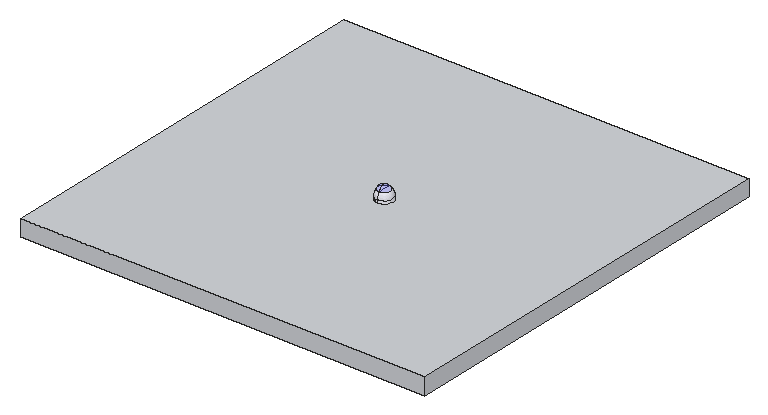
Revit family "BEG-92485", category Dispositifs d'éclairage, Revit 2015
Parameters
  Detection zone [instance] = yes
  URL = "http://www.luxomat.com/en-92442"
  Type of output = "Slave"
  Ambiant temperature = "-25°C to +50°C"
  Ref = "92442"
  Relay = "0"
  height position [instance] = 250 cm
  Modèle = "PD4-M-1C-C-SM Positive security"
  Installation type = "Ceiling"
  Brand = "LUXOMAT"
  Image du type = 92587.jpg
  IP = "54"
  Mounting height max = Installation height max  # 270 cm
  Installation height max = 270 cm
  Fabricant = "B.E.G"
  Label [instance] = yes
  Default Elevation = 0 cm
  Consumption = "0.28W"
  Commentaires du type = "Occupancy detector PD4-M-1C-C-SM Positive security"
  Code d'assemblage = "D5010200"
  Class = "2"
  Switching power LED = "0"
  Switching power Cos ɸ =1 = "0"
  Switching power Cos ɸ =0,5 = "0"
  Power voltage = "110-240 V AC"
Reference planes (cm)
  plane 1 "Centre (avant/arrière)": y = 0
  plane 2: z = 0
  plane 3 "Centre (gauche/droite)": x = 0
Forms (cm)
  Extrusion 1, solid
    sketch origin (0, 0, 0) x (1, 0, 0) y (0, 1, 0)
      loop
        line (-121.92, 121.92) -> (-121.92, -121.92) -> (121.92, -121.92) -> (121.92, 121.92) -> (-121.92, 121.92)
    from 0 to -10
Dimensions and locks (cm)
  aligned and locked: plane 2 to Extrusion 1
  aligned and locked: level to Extrusion 1
  aligned and locked: nested 2 to plane 2
Nested families (cm)
  nested 1: "Famille1" at (0, -72.6659, 0) x (-1, 0, 0) z (0, 0, 1), reference <- "Ref", modele <- "Modèle", visible <- "Label", type "Famille1"
    with reference "92442", modele "PD4-M-1C-C-SM Positive security"
  nested 2: "M14" at (0, 0, 0), type "Standard"
  nested 3: "Symbole plafond 2D couloir" at (0, 0.102, 0), type "Symbole plafond 2D couloir"
  nested 4: "zone I" at (0, 0, 0), visible <- "Detection zone", type "zone I"
    with position 2 320 cm, position 1 960 cm, frontal 800 cm, biais 2400 cm, activité assise 640 cm
Connectors (cm)
  electrical at (0.5717, -0.15, -5.1)
    settings: on nested 2, index 1, voltage 240 V, apparent load 0 VA, apparent load phase1 0 VA, apparent load phase2 0 VA, apparent load phase3 0 VA, power factor 1, load classification "Eclairage", number of poles 1, system type 31, power factor state 1, is connector primary yes, connector utility no, sub classification motor no, connector description ""
Definition of nested family "M14"
  Reference planes (cm)
    plane 1 "Centre (avant/arrière)": y = 0
    plane 2: z = 0
    plane 3 "Centre (gauche/droite)": x = 0
    plane 4: x = 0
  Forms (cm)
    Revolve 1, solid
      sketch origin (0, 0, 0) x (0, -1, 0) y (0, 0, 1)
        loop
          line (0, 0) -> (0, 5) -> (-3.8, 5)
          arc (-3.8, 5) -> (-4.577, 3.2225) -> (-4.8363, 1.3) r 7
          line (-4.8363, 1.3) -> (-4.9363, 1.3) -> (-5.05, 0) -> (0, 0)
        axis (0, 0) -> (0, 5)
      angle from 0 to 360
    Revolve 2, solid
      sketch origin (0, 0, 0) x (0, -1, 0) y (0, 0, 1)
        loop
          arc (0, 7.6) -> (-2.2816, 6.8864) -> (-3.75, 5) r 4.0043
          line (-3.75, 5) -> (0, 5) -> (0, 7.6)
        axis (0, 5) -> (0, 7.6)
      angle from 0 to 360
  Lines and regions (cm)
    reference lines
      curve 1: line (0, 0, 0) -> (0, 0, 7.6)
      curve 2: line (0, 0, 5) -> (0, 3.8, 5)
      curve 3: arc (0, 3.8, 5) -> (0, 4.577, 3.2225) -> (0, 4.8363, 1.3) r 7
      curve 4: line (0, 4.9363, 1.3) -> (0, 4.8363, 1.3)
      curve 5: line (0, 5.05, 0) -> (0, 4.9363, 1.3)
      curve 6: line (0, 0, 0) -> (0, 5.05, 0)
      curve 7: arc (0, 0, 7.6) -> (0, 2.2816, 6.8864) -> (0, 3.75, 5) r 4.0043
      curve 8: line (0, 3.75, 5) -> (0, 0, 5)
      curve 9: line (0, 0, 7.6) -> (0, 0, 5)
      curve 10: line (0, 0, 0) -> (0, 0, 7.6)
  Dimensions and locks (cm)
    aligned and locked: level to plane 2
    aligned and locked: Revolve 1 sketch curve to curve 1  (x2)
    aligned and locked: Revolve 1 sketch curve to curve 2
    aligned and locked: Revolve 1 sketch curve to curve 3
    aligned and locked: Revolve 1 sketch curve to curve 4
    aligned and locked: Revolve 1 sketch curve to curve 5
    aligned and locked: Revolve 1 sketch curve to curve 6
    aligned and locked: Revolve 2 sketch curve to curve 7
    aligned and locked: Revolve 2 sketch curve to curve 8
    aligned and locked: Revolve 2 sketch curve to curve 9
    aligned and locked: Revolve 2 sketch curve to curve 10
Definition of nested family "Famille1"
  Parameters (values of type "Famille1")
    reference [instance] = ""
    modele [instance] = ""
  Reference planes (cm)
    plane 1: y = 0
    plane 2: x = 0
  Text (cm)
    label "reference\n\nmodele" at (0.0074, 0.0451, 0), shows "reference", "modele"
Definition of nested family "Symbole plafond 2D couloir"
  Reference planes (cm)
    plane 1: y = 0
    plane 2: x = 0
  Lines and regions (cm)
    Filled region 1, type "rouge"
      outline origin (0, 0, 0) x (1, 0, 0) y (0, 1, 0)
        loop
          circle (0, 0) r 0.0294
    detail lines
      curve 1: arc (-0.0294, 0, 0) -> (0, -0.0294, 0) -> (0.0294, 0, 0) r 0.0294
      curve 2: arc (0.0294, 0, 0) -> (0, 0.0294, 0) -> (-0.0294, 0, 0) r 0.0294
      curve 3: arc (-0.1768, 0.102, 0) -> (-0.2041, 0, 0) -> (-0.1768, -0.102, 0) r 0.204
      curve 4: arc (0.1766, -0.102, 0) -> (0.2039, 0, 0) -> (0.1766, 0.102, 0) r 0.204
      curve 5: arc (-0.1404, 0.081, 0) -> (-0.1621, 0, 0) -> (-0.1404, -0.081, 0) r 0.162
      curve 6: arc (0.1402, -0.081, 0) -> (0.1619, 0, 0) -> (0.1402, 0.081, 0) r 0.162
      curve 7: arc (-0.104, 0.06, 0) -> (-0.1201, 0, 0) -> (-0.104, -0.06, 0) r 0.12
      curve 8: arc (0.1038, -0.06, 0) -> (0.1199, 0, 0) -> (0.1038, 0.06, 0) r 0.12
Definition of nested family "zone I"
  Parameters (values of type "zone I")
    position 2 [instance] = (frontal / 2) * 0.8  # 320 cm
    position 1 [instance] = (biais / 2) * 0.8  # 960 cm
    frontal [instance] = 800 cm
    biais [instance] = 2400 cm
    activité assise [instance] = 640 cm
  Reference planes (cm)
    plane 1 "Centre (avant/arrière)": y = 0
    plane 2: z = 0
    plane 3 "Centre (gauche/droite)": x = 0
    plane 4: x = 1000
    plane 5: x = -1000
    plane 6: x = -2000
    plane 7: x = 2000
    plane 8: y = 150
    plane 9: y = -150
    plane 10: y = 250
    plane 11: y = -250
  Lines and regions (cm)
    detail lines, in view "Niveau de réf."
      curve 1: spline (2.3068, -307.7265, 0) -> (4.0856, -307.3949, 0) -> (5.7432, -306.4226, 0) -> (7.1667, -304.876, 0) -> (8.2589, -302.8603, 0) -> (8.9455, -300.5131, 0) -> (9.1797, -297.9942, 0) -> (8.9455, -295.4753, 0) -> (8.2589, -293.1281, 0) -> (7.1667, -291.1125, 0) -> (5.7432, -289.5658, 0) -> (4.0856, -288.5936, 0) -> (2.3068, -288.262, 0) -> (0.5279, -288.5936, 0) -> (-1.1297, -289.5658, 0) -> (-2.5531, -291.1125, 0) -> (-3.6453, -293.1281, 0) -> (-4.3319, -295.4753, 0) -> (-4.5661, -297.9942, 0) -> (-4.3319, -300.5131, 0) -> (-3.6453, -302.8603, 0) -> (-2.5531, -304.876, 0) -> (-1.1297, -306.4226, 0) -> (0.5279, -307.3949, 0) -> (2.3068, -307.7265, 0)
      curve 2: line (-4.7649, -295.0929, 0) -> (0.5136, -307.9212, 0)
      curve 3: line (3.5648, -308.0775, 0) -> (9.2455, -294.5266, 0)
      curve 4: line (-0.3759, -288.4588, 0) -> (-3.0011, -290.8806, 0)
      curve 5: line (3.5053, -308.5045, 0) -> (6.62, -308.3756, 0)
      curve 6: line (1.7304, -308.3525, 0) -> (3.5053, -308.5045, 0)
      curve 7: line (-4.7649, -295.0929, 0) -> (0.5136, -307.9212, 0)
      curve 8: line (-21.1936, -295.3894, 0) -> (-24.4202, -297.3623, 0)
      curve 9: line (-21.1936, -295.3894, 0) -> (-24.4202, -297.3623, 0)
      curve 10: line (-0.3759, -288.4588, 0) -> (-3.0011, -290.8806, 0)
      curve 11: line (1.7304, -308.3525, 0) -> (6.62, -308.3756, 0)
      curve 12: line (3.5648, -308.0775, 0) -> (9.2455, -294.5266, 0)
      curve 13: line (0, -280, 0) -> (0, -249.0788, 0)
      curve 14: line (0, -249.0788, 0) -> (0, -240.7814, 0)
      curve 15: spline (-1521.106, -27.7265, 0) -> (-1519.3271, -27.3949, 0) -> (-1517.6695, -26.4226, 0) -> (-1516.2461, -24.876, 0) -> (-1515.1539, -22.8603, 0) -> (-1514.4673, -20.5131, 0) -> (-1514.2331, -17.9942, 0) -> (-1514.4673, -15.4753, 0) -> (-1515.1539, -13.1281, 0) -> (-1516.2461, -11.1125, 0) -> (-1517.6695, -9.5658, 0) -> (-1519.3271, -8.5936, 0) -> (-1521.106, -8.262, 0) -> (-1522.8848, -8.5936, 0) -> (-1524.5424, -9.5658, 0) -> (-1525.9659, -11.1125, 0) -> (-1527.0581, -13.1281, 0) -> (-1527.7447, -15.4753, 0) -> (-1527.9789, -17.9942, 0) -> (-1527.7447, -20.5131, 0) -> (-1527.0581, -22.8603, 0) -> (-1525.9659, -24.876, 0) -> (-1524.5424, -26.4226, 0) -> (-1522.8848, -27.3949, 0) -> (-1521.106, -27.7265, 0)
      curve 16: line (-1528.1777, -15.0929, 0) -> (-1522.8992, -27.9212, 0)
      curve 17: line (-1519.848, -28.0775, 0) -> (-1514.1673, -14.5266, 0)
      curve 18: line (-1523.7887, -8.4588, 0) -> (-1526.4139, -10.8806, 0)
      curve 19: line (-1519.9075, -28.5045, 0) -> (-1516.7928, -28.3756, 0)
      curve 20: line (-1521.6824, -28.3525, 0) -> (-1519.9075, -28.5045, 0)
      curve 21: line (-1528.1777, -15.0929, 0) -> (-1522.8992, -27.9212, 0)
      curve 22: line (-1544.6063, -15.3894, 0) -> (-1547.833, -17.3623, 0)
      curve 23: line (-1544.6063, -15.3894, 0) -> (-1547.833, -17.3623, 0)
      curve 24: line (-1523.7887, -8.4588, 0) -> (-1526.4139, -10.8806, 0)
      curve 25: line (-1521.6824, -28.3525, 0) -> (-1516.7928, -28.3756, 0)
      curve 26: line (-1519.848, -28.0775, 0) -> (-1514.1673, -14.5266, 0)
      curve 27: line (-1523.4128, 0, 0) -> (-1523.4128, 30.9212, 0)
      curve 28: line (-1523.4128, 30.9212, 0) -> (-1523.4128, 39.2186, 0)
      curve 169: spline (-372.7692, 145.0624, 0) -> (-523.6863, 149.8316, 0) -> (-672.4215, 140.7991, 0) -> (-805.2741, 118.7969, 0) -> (-910.0066, 85.8517, 0) -> (-976.9713, 44.9984, 0) -> (-1000, 0, 0) -> (-976.9713, -44.9984, 0) -> (-910.0066, -85.8517, 0) -> (-805.2741, -118.7969, 0) -> (-672.4215, -140.7991, 0) -> (-523.6863, -149.8316, 0) -> (-372.7692, -145.0624, 0)
      curve 170: arc (-1930.5405, 241.3176, 0) -> (-2000, 0, 0) -> (-1930.5405, -241.3176, 0) r 453.9252
      curve 171: line (-852.071, 106.5089, 0) -> (-1930.5405, 241.3176, 0)
      curve 172: line (-852.071, -106.5089, 0) -> (-1930.5405, -241.3176, 0)
      curve 173: arc (-372.7692, -145.0624, 0) -> (0, -400, 0) -> (372.7692, -145.0624, 0) r 400
      curve 174: spline (372.7692, 145.0624, 0) -> (523.6863, 149.8316, 0) -> (672.4215, 140.7991, 0) -> (805.2741, 118.7969, 0) -> (910.0066, 85.8517, 0) -> (976.9713, 44.9984, 0) -> (1000, 0, 0) -> (976.9713, -44.9984, 0) -> (910.0066, -85.8517, 0) -> (805.2741, -118.7969, 0) -> (672.4215, -140.7991, 0) -> (523.6863, -149.8316, 0) -> (372.7692, -145.0624, 0)
      curve 175: arc (1930.5405, 241.3176, 0) -> (2000, 0, 0) -> (1930.5405, -241.3176, 0) r 453.9252
      curve 176: line (852.071, 106.5089, 0) -> (1930.5405, 241.3176, 0)
      curve 177: line (852.071, -106.5089, 0) -> (1930.5405, -241.3176, 0)
      curve 178: arc (372.7692, 145.0624, 0) -> (0, 400, 0) -> (-372.7692, 145.0624, 0) r 400
    detail lines, in view "Niveau de réf.", not visible
      curve 29: spline (925.976, -22.5654, 0) -> (926.342, -22.7186, 0) -> (927.4152, -22.8614, 0) -> (929.1224, -22.984, 0) -> (931.3472, -23.0781, 0) -> (933.938, -23.1373, 0) -> (936.7184, -23.1574, 0) -> (939.4987, -23.1373, 0) -> (942.0896, -23.0781, 0) -> (944.3144, -22.984, 0) -> (946.0216, -22.8614, 0) -> (947.0948, -22.7186, 0) -> (947.4608, -22.5654, 0) -> (947.0948, -22.4122, 0) -> (946.0216, -22.2694, 0) -> (944.3144, -22.1467, 0) -> (942.0896, -22.0527, 0) -> (939.4987, -21.9935, 0) -> (936.7184, -21.9733, 0) -> (933.938, -21.9935, 0) -> (931.3472, -22.0527, 0) -> (929.1224, -22.1467, 0) -> (927.4152, -22.2694, 0) -> (926.342, -22.4122, 0) -> (925.976, -22.5654, 0)
      curve 30: line (925.976, -22.5654, 0) -> (927.5256, -22.2591, 0)
      curve 31: arc (928.6032, -42.366, 0) -> (923.9612, -42.9632, 0) -> (919.6215, -44.716, 0) r 18.3388
      curve 32: arc (919.6215, -44.716, 0) -> (919.5545, -44.7818, 0) -> (919.5297, -44.8725, 0) r 0.1799
      curve 33: arc (928.7956, -42.9577, 0) -> (924.5053, -43.3576, 0) -> (920.3988, -44.6624, 0) r 20.1051
      curve 34: arc (920.3988, -44.6624, 0) -> (920.213, -44.7562, 0) -> (920.0404, -44.8725, 0) r 1.6679
      curve 35: circle (919.7851, -45.6065, 0) r 0.5096 normal (0, 0, 1)
      curve 36: arc (920.3547, -45.6065, 0) -> (919.7851, -45.0369, 0) -> (919.2155, -45.6065, 0) r 0.5696
      curve 37: arc (920.4147, -45.6065, 0) -> (919.7851, -44.9769, 0) -> (919.1555, -45.6065, 0) r 0.6296
      curve 38: arc (944.8336, -42.366, 0) -> (949.4756, -42.9632, 0) -> (953.8152, -44.716, 0) r 18.3388
      curve 39: arc (953.8152, -44.716, 0) -> (953.8823, -44.7818, 0) -> (953.907, -44.8725, 0) r 0.1799
      curve 40: arc (944.6412, -42.9577, 0) -> (948.9315, -43.3576, 0) -> (953.038, -44.6624, 0) r 20.1051
      curve 41: arc (953.038, -44.6624, 0) -> (953.2237, -44.7562, 0) -> (953.3964, -44.8725, 0) r 1.6679
      curve 42: circle (953.6517, -45.6065, 0) r 0.5096 normal (0, 0, 1)
      curve 43: arc (954.2213, -45.6065, 0) -> (953.6517, -45.0369, 0) -> (953.0821, -45.6065, 0) r 0.5696
      curve 44: arc (954.2813, -45.6065, 0) -> (953.6517, -44.9769, 0) -> (953.0221, -45.6065, 0) r 0.6296
      curve 45: arc (935.9933, -42.366, 0) -> (932.2655, -43.2182, 0) -> (928.7471, -44.716, 0) r 21.5424
      curve 46: arc (928.7471, -44.716, 0) -> (928.68, -44.7818, 0) -> (928.6553, -44.8725, 0) r 0.1799
      curve 47: arc (935.9933, -42.9577, 0) -> (932.6991, -43.5833, 0) -> (929.5243, -44.6624, 0) r 23.9713
      curve 48: arc (929.5243, -44.6624, 0) -> (929.3417, -44.7544, 0) -> (929.1716, -44.8681, 0) r 1.6679
      curve 49: arc (936.2298, -42.9577, 0) -> (932.9838, -43.6066, 0) -> (929.8464, -44.6624, 0) r 26.0219
      curve 50: arc (929.8464, -44.6624, 0) -> (929.6606, -44.7562, 0) -> (929.488, -44.8725, 0) r 1.6679
      curve 51: circle (929.0716, -45.6065, 0) r 0.5096 normal (0, 0, 1)
      curve 52: arc (929.6412, -45.6065, 0) -> (929.0716, -45.0369, 0) -> (928.502, -45.6065, 0) r 0.5696
      curve 53: arc (929.7012, -45.6065, 0) -> (929.0716, -44.9769, 0) -> (928.442, -45.6065, 0) r 0.6296
      curve 54: arc (937.4435, -42.366, 0) -> (941.1713, -43.2182, 0) -> (944.6897, -44.716, 0) r 21.5424
      curve 55: arc (944.6897, -44.716, 0) -> (944.7568, -44.7818, 0) -> (944.7815, -44.8725, 0) r 0.1799
      curve 56: arc (937.4435, -42.9577, 0) -> (940.7377, -43.5833, 0) -> (943.9124, -44.6624, 0) r 23.9713
      curve 57: arc (943.9124, -44.6624, 0) -> (944.0982, -44.7562, 0) -> (944.2708, -44.8725, 0) r 1.6679
      curve 58: arc (937.207, -42.9577, 0) -> (940.453, -43.6066, 0) -> (943.5904, -44.6624, 0) r 26.0219
      curve 59: arc (943.5904, -44.6624, 0) -> (943.7762, -44.7562, 0) -> (943.9488, -44.8725, 0) r 1.6679
      curve 60: circle (944.3651, -45.6065, 0) r 0.5096 normal (0, 0, 1)
      curve 61: arc (944.9347, -45.6065, 0) -> (944.3651, -45.0369, 0) -> (943.7956, -45.6065, 0) r 0.5696
      curve 62: arc (944.9947, -45.6065, 0) -> (944.3651, -44.9769, 0) -> (943.7356, -45.6065, 0) r 0.6296
      curve 63: arc (928.2447, -16.9067, 0) -> (929.3751, -19.9599, 0) -> (932.3873, -21.1953, 0) r 4.0512
      curve 64: arc (947.5341, -21.5503, 0) -> (948.2989, -21.9955, 0) -> (948.4581, -22.866, 0) r 1.0582
      curve 65: arc (948.4581, -22.866, 0) -> (947.1637, -32.0042, 0) -> (947.1824, -41.2336, 0) r 64.7189
      curve 66: arc (947.1824, -41.2336, 0) -> (947.3196, -41.7803, 0) -> (947.8, -42.0753, 0) r 0.7467
      curve 67: arc (947.8, -42.0753, 0) -> (950.8812, -42.6489, 0) -> (954.0146, -42.7177, 0) r 19.3577
      curve 68: arc (954.0146, -42.7177, 0) -> (953.6164, -42.2163, 0) -> (953.0065, -42.0212, 0) r 1.1013
      curve 69: arc (953.0065, -42.0212, 0) -> (950.8253, -41.5868, 0) -> (948.6939, -40.9514, 0) r 23.8747
      curve 70: arc (948.6939, -40.9514, 0) -> (949.6481, -32.326, 0) -> (950.4047, -23.6811, 0) r 379.1961
      curve 71: arc (950.4047, -23.6811, 0) -> (950.1819, -20.9354, 0) -> (948.1945, -19.0278, 0) r 3.8846
      curve 72: arc (948.1945, -19.0278, 0) -> (942.0386, -16.9625, 0) -> (935.5985, -16.1341, 0) r 33.2193
      curve 73: arc (935.5985, -16.1341, 0) -> (936.4011, -8.4722, 0) -> (936.3918, -0.7683, 0) r 72.9952
      curve 74: arc (936.1411, 2.5028, 0) -> (936.0331, 3.5186, 0) -> (935.9108, 4.5328, 0) r 72.9952
      curve 75: arc (933.0779, 4.298, 0) -> (930.9101, 3.5141, 0) -> (931.7641, 1.3729, 0) r 1.6042
      curve 76: arc (935.9108, 4.5328, 0) -> (932.5228, 6.4802, 0) -> (929.1348, 4.5328, 0) r 3.9209
      curve 77: arc (962.4108, -5.4595, 0) -> (962.3989, -5.5507, 0) -> (962.3115, -5.5223, 0) r 0.0597
      curve 78: arc (960.275, -5.2364, 0) -> (960.303, -5.394, 0) -> (960.1444, -5.4151, 0) r 0.1108
      curve 79: spline (932.3619, 15.8637, 0) -> (933.2734, 15.7331, 0) -> (934.1297, 15.3083, 0) -> (934.8726, 14.6182, 0) -> (935.4514, 13.7099, 0) -> (935.8267, 12.6452, 0) -> (935.9728, 11.4968, 0) -> (935.8798, 10.3428, 0) -> (935.5541, 9.262, 0) -> (935.0179, 8.3279, 0) -> (934.3076, 7.6043, 0) -> (933.4718, 7.1404, 0) -> (932.5673, 6.9679, 0) -> (931.6558, 7.0985, 0) -> (930.7994, 7.5233, 0) -> (930.0565, 8.2134, 0) -> (929.4777, 9.1217, 0) -> (929.1025, 10.1864, 0) -> (928.9564, 11.3348, 0) -> (929.0493, 12.4888, 0) -> (929.375, 13.5696, 0) -> (929.9113, 14.5037, 0) -> (930.6215, 15.2273, 0) -> (931.4574, 15.6912, 0) -> (932.3619, 15.8637, 0)
      curve 80: line (957.0918, -46.116, 0) -> (997.8768, -46.116, 0)
      curve 81: line (997.8768, -46.116, 0) -> (997.8768, -7.1091, 0)
      curve 82: line (997.8768, -7.1091, 0) -> (957.0918, -7.1091, 0)
      curve 83: line (957.0918, -7.1091, 0) -> (957.0918, -46.116, 0)
      curve 84: line (957.0918, -46.116, 0) -> (910.5345, -46.116, 0)
      curve 85: line (951.1501, -7.1091, 0) -> (1003.8185, -7.1091, 0)
      curve 86: line (1003.8185, -7.1091, 0) -> (1003.8185, -5.6427, 0)
      curve 87: line (1003.8185, -5.6427, 0) -> (951.1501, -5.6427, 0)
      curve 88: line (951.1501, -5.6427, 0) -> (951.1501, -7.1091, 0)
      curve 89: line (935.7304, -23.1574, 0) -> (937.7064, -23.1574, 0)
      curve 90: line (937.7064, -23.1574, 0) -> (937.7064, -42.366, 0)
      curve 91: line (937.7064, -42.366, 0) -> (935.7304, -42.366, 0)
      curve 92: line (935.7304, -42.366, 0) -> (935.7304, -23.1574, 0)
      curve 93: line (935.7304, -42.366, 0) -> (928.6032, -42.366, 0)
      curve 94: line (919.5297, -44.8725, 0) -> (920.0404, -44.8725, 0)
      curve 95: line (937.4435, -42.366, 0) -> (937.207, -42.9577, 0)
      curve 96: line (937.207, -42.9577, 0) -> (937.4435, -42.9577, 0)
      curve 97: line (937.4435, -42.9577, 0) -> (936.7184, -42.9577, 0)
      curve 98: line (936.7184, -42.9577, 0) -> (935.9933, -42.9577, 0)
      curve 99: line (935.9933, -42.9577, 0) -> (936.2298, -42.9577, 0)
      curve 100: line (936.2298, -42.9577, 0) -> (935.9933, -42.366, 0)
      curve 101: line (933.13, -42.9577, 0) -> (928.7956, -42.9577, 0)
      curve 102: line (919.2155, -45.6065, 0) -> (919.1555, -45.6065, 0)
      curve 103: line (920.3547, -45.6065, 0) -> (920.4147, -45.6065, 0)
      curve 104: line (919.8851, -44.9848, 0) -> (919.8851, -44.8725, 0)
      curve 105: line (919.6851, -44.9848, 0) -> (919.6851, -44.8725, 0)
      curve 106: line (937.7064, -42.366, 0) -> (944.8336, -42.366, 0)
      curve 107: line (953.907, -44.8725, 0) -> (953.3964, -44.8725, 0)
      curve 108: line (940.3068, -42.9577, 0) -> (944.6412, -42.9577, 0)
      curve 109: line (954.2213, -45.6065, 0) -> (954.2813, -45.6065, 0)
      curve 110: line (953.0821, -45.6065, 0) -> (953.0221, -45.6065, 0)
      curve 111: line (953.5517, -44.9848, 0) -> (953.5517, -44.8725, 0)
      curve 112: line (953.7517, -44.9848, 0) -> (953.7517, -44.8725, 0)
      curve 113: line (928.6553, -44.8725, 0) -> (929.488, -44.8725, 0)
      curve 114: line (928.502, -45.6065, 0) -> (928.442, -45.6065, 0)
      curve 115: line (929.6412, -45.6065, 0) -> (929.7012, -45.6065, 0)
      curve 116: line (929.1716, -44.9848, 0) -> (929.1716, -44.8681, 0)
      curve 117: line (928.9716, -44.9848, 0) -> (928.9716, -44.8725, 0)
      curve 118: line (944.7815, -44.8725, 0) -> (943.9488, -44.8725, 0)
      curve 119: line (944.9347, -45.6065, 0) -> (944.9947, -45.6065, 0)
      curve 120: line (943.7956, -45.6065, 0) -> (943.7356, -45.6065, 0)
      curve 121: line (944.2651, -44.9848, 0) -> (944.2651, -44.8725, 0)
      curve 122: line (944.4651, -44.9848, 0) -> (944.4651, -44.8725, 0)
      curve 123: line (932.3873, -21.1953, 0) -> (947.5341, -21.5503, 0)
      curve 124: line (928.2447, -16.9067, 0) -> (929.1348, 4.5328, 0)
      curve 125: line (933.0779, 4.298, 0) -> (945.9271, -3.2324, 0)
      curve 126: line (945.9271, -3.2324, 0) -> (956.9598, -4.1102, 0)
      curve 127: line (956.9598, -4.1102, 0) -> (959.6493, -4.0553, 0)
      curve 128: line (959.6493, -4.0553, 0) -> (961.5155, -4.4943, 0)
      curve 129: line (961.5155, -4.4943, 0) -> (962.4108, -5.4595, 0)
      curve 130: line (962.3115, -5.5223, 0) -> (961.4719, -4.6876, 0)
      curve 131: line (961.4719, -4.6876, 0) -> (959.6412, -4.4783, 0)
      curve 132: line (959.6412, -4.4783, 0) -> (959.2367, -4.7524, 0)
      curve 133: line (959.2367, -4.7524, 0) -> (960.275, -5.2364, 0)
      curve 134: line (960.1444, -5.4151, 0) -> (958.5871, -4.8823, 0)
      curve 135: line (958.5871, -4.8823, 0) -> (956.7566, -5.1214, 0)
      curve 136: line (956.7566, -5.1214, 0) -> (945.2383, -4.8614, 0)
      curve 137: line (945.2383, -4.8614, 0) -> (931.7641, 1.3729, 0)
      curve 138: line (931.3882, 7.1969, 0) -> (931.2583, 6.2707, 0)
      curve 139: line (933.7384, 7.2529, 0) -> (933.8809, 6.2375, 0)
      curve 140: line (997.8768, -46.116, 0) -> (1009.4512, -46.116, 0)
      curve 141: spline (630.3724, -48.277, 0) -> (632.1512, -47.9453, 0) -> (633.8088, -46.9731, 0) -> (635.2323, -45.4264, 0) -> (636.3245, -43.4108, 0) -> (637.0111, -41.0636, 0) -> (637.2453, -38.5447, 0) -> (637.0111, -36.0258, 0) -> (636.3245, -33.6786, 0) -> (635.2323, -31.663, 0) -> (633.8088, -30.1163, 0) -> (632.1512, -29.1441, 0) -> (630.3724, -28.8124, 0) -> (628.5935, -29.1441, 0) -> (626.9359, -30.1163, 0) -> (625.5125, -31.663, 0) -> (624.4202, -33.6786, 0) -> (623.7336, -36.0258, 0) -> (623.4995, -38.5447, 0) -> (623.7336, -41.0636, 0) -> (624.4202, -43.4108, 0) -> (625.5125, -45.4264, 0) -> (626.9359, -46.9731, 0) -> (628.5935, -47.9453, 0) -> (630.3724, -48.277, 0)
      curve 142: line (623.3007, -35.6434, 0) -> (628.5792, -48.4717, 0)
      curve 143: line (631.6303, -48.628, 0) -> (637.311, -35.0771, 0)
      curve 144: line (627.6897, -29.0093, 0) -> (625.0645, -31.4311, 0)
      curve 145: line (631.5709, -49.055, 0) -> (634.6856, -48.9261, 0)
      curve 146: line (629.7959, -48.903, 0) -> (631.5709, -49.055, 0)
      curve 147: line (623.3007, -35.6434, 0) -> (628.5792, -48.4717, 0)
      curve 148: line (606.872, -35.9399, 0) -> (603.6454, -37.9127, 0)
      curve 149: line (606.872, -35.9399, 0) -> (603.6454, -37.9127, 0)
      curve 150: line (627.6897, -29.0093, 0) -> (625.0645, -31.4311, 0)
      curve 151: line (629.7959, -48.903, 0) -> (634.6856, -48.9261, 0)
      curve 152: line (631.6303, -48.628, 0) -> (637.311, -35.0771, 0)
      curve 153: line (628.0656, -20.5505, 0) -> (628.0656, 10.3707, 0)
      curve 154: line (628.0656, 10.3707, 0) -> (628.0656, 18.6681, 0)
      curve 155: spline (1030.3724, -260.777, 0) -> (1032.1512, -260.4453, 0) -> (1033.8088, -259.4731, 0) -> (1035.2323, -257.9264, 0) -> (1036.3245, -255.9108, 0) -> (1037.0111, -253.5636, 0) -> (1037.2453, -251.0447, 0) -> (1037.0111, -248.5258, 0) -> (1036.3245, -246.1786, 0) -> (1035.2323, -244.163, 0) -> (1033.8088, -242.6163, 0) -> (1032.1512, -241.6441, 0) -> (1030.3724, -241.3124, 0) -> (1028.5935, -241.6441, 0) -> (1026.9359, -242.6163, 0) -> (1025.5125, -244.163, 0) -> (1024.4202, -246.1786, 0) -> (1023.7336, -248.5258, 0) -> (1023.4995, -251.0447, 0) -> (1023.7336, -253.5636, 0) -> (1024.4202, -255.9108, 0) -> (1025.5125, -257.9264, 0) -> (1026.9359, -259.4731, 0) -> (1028.5935, -260.4453, 0) -> (1030.3724, -260.777, 0)
      curve 156: line (1023.3007, -248.1434, 0) -> (1028.5792, -260.9717, 0)
      curve 157: line (1031.6303, -261.128, 0) -> (1037.311, -247.5771, 0)
      curve 158: line (1027.6897, -241.5093, 0) -> (1025.0645, -243.9311, 0)
      curve 159: line (1031.5709, -261.555, 0) -> (1034.6856, -261.4261, 0)
      curve 160: line (1029.7959, -261.403, 0) -> (1031.5709, -261.555, 0)
      curve 161: line (1023.3007, -248.1434, 0) -> (1028.5792, -260.9717, 0)
      curve 162: line (1006.872, -248.4399, 0) -> (1003.6454, -250.4127, 0)
      curve 163: line (1006.872, -248.4399, 0) -> (1003.6454, -250.4127, 0)
      curve 164: line (1027.6897, -241.5093, 0) -> (1025.0645, -243.9311, 0)
      curve 165: line (1029.7959, -261.403, 0) -> (1034.6856, -261.4261, 0)
      curve 166: line (1031.6303, -261.128, 0) -> (1037.311, -247.5771, 0)
      curve 167: line (1028.0656, -233.0505, 0) -> (1028.0656, -202.1293, 0)
      curve 168: line (1028.0656, -202.1293, 0) -> (1028.0656, -193.8319, 0)
  Text (cm)
    text "2" at (0.4332, -321.3743, 0), in view "Niveau de réf."
    text "1" at (-1522.9796, -41.3743, 0), in view "Niveau de réf."
    text "1" at (628.4988, -61.9248, 0), in view "Niveau de réf.", not visible
    text "2" at (1028.4988, -274.4248, 0), in view "Niveau de réf.", not visible
  Dimensions and locks (cm)
    aligned and locked: curve 27 to plane 1 "Centre (avant/arrière)"
    aligned and locked: curve 13 to plane 3 "Centre (gauche/droite)"
